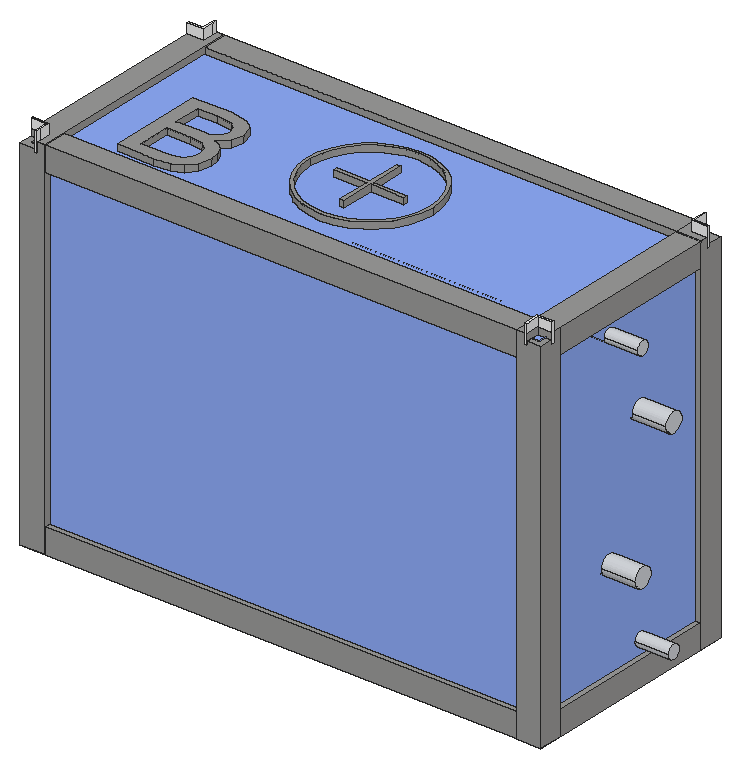
Revit family "6. Водяные нагреватели UTR WWN", category Оборудование, Revit 2016
Family settings
  Тип детали = Нормальный
  Размер круглого соединителя = Использовать диаметр
  На основе рабочей плоскости = Нет
  Всегда вертикально = Да
  При загрузке вырезать с полостями = Нет
  Общий = Нет
  Точка расчета площади = Нет
Parameters (values of type "60-35 WWN/2")
  ширина = 600 mm
  размер В = 735 mm
  значок [instance] = yes
  высота = 350 mm
  Теплопроизводительность, кВт = 43.9 kW
  Синий = Синий
  Заправочный объем, л = 1.70 m³
  Д1 = Д - 20 mm  # 330 mm
  Д = 350 mm
  ножки(да/нет) [instance] = no
  Г = 495 mm
  Б1 = Б - 20 mm  # 550 mm
  А1 = А - 20 mm  # 790 mm
  А = 810 mm
  высота ножек = 50 mm
  Б = 570 mm
  Частотный преобразователь [instance] = no
  Частота вращения n, об/мин = ""
  Тип, марка, обозначение = "UTR 60-35 WWN/2"
  Сила тока J, А = ""
  Регулятор расхода [instance] = no
  Раздел = "ОВ"
  Примечание = ""
  Позиция = ""
  Напряжение U,В = ""
  Наименование и тех.хар-ка = "Секция водяного нагревателя"  # constant formula
  Мощность двигателя N,Вт = ""
  Материал = RAL 0000 Серый металл
  Масса единицы = "31"
  Код, оборудования = ""
  Ключевая пометка = "Вентиляция"
  Задание электрикам [instance] = no
  Задание автоматчикам [instance] = no
  Завод изготовитель = "KORF"  # constant formula
  Единица измерения = "шт."  # constant formula
  h = высота ножек + 10 mm  # 60 mm
Types (16, lengths in mm): name | ширина | размер В | высота | Теплопроизводительность, кВт | Заправочный объем, л | Г | Б1 | А1 | А | Б | Тип, марка, обозначение | Материал | Масса единицы
  50-25 WWN/2 | 500 | 635 | 250 | 26 kW | 1.00 m³ | 395 | 450 | 690 | 710 | 470 | "UTR 50-25 WWN/2" | Сталь серая | "25"
  50-25 WWN/3 | 500 | 635 | 250 | 31.4 kW | 1.40 m³ | 395 | 450 | 690 | 710 | 470 | "UTR 50-25 WWN/3" | Сталь серая | "27"
  50-30 WWN/2 | 500 | 635 | 300 | 30.9 kW | 1.30 m³ | 445 | 500 | 690 | 710 | 520 | "UTR 50-30 WWN/2" | Сталь серая | "26"
  50-30 WWN/3 | 500 | 635 | 300 | 37.3 kW | 1.80 m³ | 445 | 500 | 690 | 710 | 520 | "UTR 50-30 WWN/3" | Сталь серая | "27,5"
  60-30 WWN/2 | 600 | 735 | 300 | 37.4 kW | 1.50 m³ | 445 | 500 | 790 | 810 | 520 | "UTR 60-30 WWN/2" | Сталь серая | "29"
  60-30 WWN/3 | 600 | 735 | 300 | 45.2 kW | 2.00 m³ | 445 | 500 | 790 | 810 | 520 | "UTR 60-30 WWN/3" | Сталь серая | "30"
  60-35 WWN/2 | 600 | 735 | 350 | 43.9 kW | 1.70 m³ | 495 | 550 | 790 | 810 | 570 | "UTR 60-35 WWN/2" | RAL 0000 Серый металл | "31"
  60-35 WWN/3 | 600 | 735 | 350 | 53 kW | 2.30 m³ | 495 | 550 | 790 | 810 | 570 | "UTR 60-35 WWN/3" | Сталь серая | "32,5"
  70-40 WWN/2 | 700 | 835 | 400 | 58.5 kW | 2.20 m³ | 545 | 600 | 890 | 910 | 620 | "UTR 70-40 WWN/2" | Сталь серая | "33,5"
  70-40 WWN/3 | 700 | 835 | 400 | 70.7 kW | 3.00 m³ | 545 | 600 | 890 | 910 | 620 | "UTR 70-40 WWN/3" | Сталь серая | "36,5"
  80-50 WWN/2 | 800 | 935 | 500 | 82.9 kW | 3.20 m³ | 645 | 700 | 990 | 1010 | 720 | "UTR 80-50 WWN/2" | Сталь серая | "39"
  80-50 WWN/3 | 800 | 935 | 500 | 100.1 kW | 4.40 m³ | 645 | 700 | 990 | 1010 | 720 | "UTR 80-50 WWN/3" | Сталь серая | "43"
  90-50 WWN/2 | 900 | 1050 | 500 | 92.6 kW | 3.50 m³ | 645 | 720 | 1105 | 1125 | 740 | "UTR 90-50 WWN/2" | Сталь серая | "43"
  90-50 WWN/3 | 900 | 1050 | 500 | 111.9 kW | 4.80 m³ | 645 | 720 | 1105 | 1125 | 740 | "UTR 90-50 WWN/3" | Сталь серая | "47"
  100-50 WWN/2 | 1000 | 1150 | 500 | 102.4 kW | 3.80 m³ | 665 | 720 | 1205 | 1225 | 740 | "UTR 100-50 WWN/2" | Сталь серая | "45,5"
  100-50 WWN/3 | 1000 | 1150 | 500 | 123.7 kW | 5.30 m³ | 665 | 720 | 1205 | 1225 | 740 | "UTR 100-50 WWN/3" | Сталь серая | "50"
Reference planes
  plane 1 "По центру (Вперед/Назад)": y = 0
  plane 2: z = 0
  plane 3 "По центру (Влево/Вправо)": x = 0
  plane 4: x = -395
  plane 5: x = 395
  plane 6: y = 165
  plane 7: y = -165
  plane 8: z = 610
  plane 9: z = 60
  plane 10: z = 635
  plane 11: z = 272.5
  plane 12: z = 430
  plane 13: z = 240
  plane 14: z = 110
  plane 15: z = 560
  plane 16: y = 30
  plane 17: y = -30
  plane 18: x = 448.5
  plane 19: x = -300
Forms (mm)
  Extrusion 1, solid, material "Синий" <- "Синий", detail levels fine
    sketch origin (0, 0, 50) x (1, 0, 0) y (0, 1, 0)
      loop
        line (-395, 165) -> (-395, -165) -> (395, -165) -> (395, 165) -> (-395, 165)
    from 10 to 560
  Sweep 2, solid, material "RAL 0000 Серый металл" <- "Материал", detail levels fine
    path origin (395, -165, 50) x (-1, 0, 0) y (0, 0, -1)
      loop
        line (0, -560) -> (790, -560) -> (790, -10) -> (0, -10) -> (0, -560)
    profile "Профиль уголок 10х10 : Профиль уголок 10х10" origin (0, -165, 610) x (0, 0, -1) y (0, -1, 0)
      loop
        line (0, -27.5) -> (0, 0) -> (27.5, 0) -> (27.5, 10) -> (-10, 10) -> (-10, -27.5) -> (0, -27.5)
  Sweep 3, solid, material "RAL 0000 Серый металл" <- "Материал", detail levels fine
    path origin (-395, 165, 50) x (1, 0, 0) y (0, 0, -1)
      loop
        line (0, -560) -> (790, -560) -> (790, -10) -> (0, -10) -> (0, -560)
    profile "Профиль уголок 10х10 : Профиль уголок 10х10" origin (0, 165, 610) x (0, 0, -1) y (0, 1, 0)
      loop
        line (0, -27.5) -> (0, 0) -> (27.5, 0) -> (27.5, 10) -> (-10, 10) -> (-10, -27.5) -> (0, -27.5)
  Sweep 4, solid, material "RAL 0000 Серый металл" <- "Материал", detail levels fine
    path origin (395, 165, 50) x (0, -1, 0) y (0, 0, -1)
      loop
        line (0, -560) -> (330, -560) -> (330, -10) -> (0, -10) -> (0, -560)
    profile "Профиль уголок 10х10 : Профиль уголок 10х10" origin (395, 0, 610) x (0, 0, -1) y (1, 0, 0)
      loop
        line (0, -27.5) -> (0, 0) -> (27.5, 0) -> (27.5, 10) -> (-10, 10) -> (-10, -27.5) -> (0, -27.5)
  Sweep 5, solid, material "RAL 0000 Серый металл" <- "Материал", detail levels fine
    path origin (-395, -165, 50) x (0, 1, 0) y (0, 0, -1)
      loop
        line (0, -560) -> (330, -560) -> (330, -10) -> (0, -10) -> (0, -560)
    profile "Профиль уголок 10х10 : Профиль уголок 10х10" origin (-395, 0, 610) x (0, 0, -1) y (-1, 0, 0)
      loop
        line (0, -27.5) -> (0, 0) -> (27.5, 0) -> (27.5, 10) -> (-10, 10) -> (-10, -27.5) -> (0, -27.5)
  Extrusion 6, void
    sketch origin (-395, -324.965, 160) x (0, -1, 0) y (0, 0, -1)
      loop
        line (-477.965, -475) -> (-477.965, -450) -> (-528.913, -450) -> (-528.913, -475) -> (-477.965, -475)
    from -47.452 to 12
  Extrusion 7, void, not visible
    sketch origin (-345, -245, 50) x (0, -1, 0) y (0, 0, -1)
      loop
        line (-477.965, -475) -> (-477.965, -450) -> (-528.913, -450) -> (-528.913, -475) -> (-477.965, -475)
    from -47.452 to 12
  Extrusion 8, void
    sketch origin (395, 324.965, 160) x (0, 1, 0) y (0, 0, -1)
      loop
        line (-171.965, -475) -> (-121.016, -475) -> (-121.016, -450) -> (-171.965, -450) -> (-171.965, -475)
    from -47.452 to 12
  Extrusion 9, void
    sketch origin (-395, -324.965, 160) x (0, -1, 0) y (0, 0, -1)
      loop
        line (-171.965, -475) -> (-121.016, -475) -> (-121.016, -450) -> (-171.965, -450) -> (-171.965, -475)
    from -47.452 to 12
  Extrusion 10, void
    sketch origin (395, 324.965, 160) x (0, 1, 0) y (0, 0, -1)
      loop
        line (-477.965, -475) -> (-477.965, -450) -> (-528.913, -450) -> (-528.913, -475) -> (-477.965, -475)
    from -47.452 to 12
  Extrusion 11, solid, detail levels fine
    sketch origin (0, 0, 0) x (0, 1, 0) y (0, 0, 1)
      loop
        circle (30, 430) r 15
      loop
        circle (-30, 240) r 15
      loop
        circle (30, 110) r 10
      loop
        circle (-30, 560) r 10
    from 0 to 448.5
  Extrusion 12, solid, material "RAL 0000 Серый металл" <- "Материал", visible <- "значок", detail levels fine
    sketch origin (0, 0, 0) x (1, 0, 0) y (0, 1, 0)
      loop
        circle (0, 0) r 98.232
      loop
        circle (0, 0) r 93.61
      loop
        line (-3.188, 55) -> (-3.188, 3.188) -> (-55, 3.188) -> (-55, -2.932) -> (-3.188, -2.932) -> (-3.188, -55) -> (2.932, -55) -> (2.932, -2.932) -> (55, -2.932) -> (55, 3.188) -> (2.932, 3.188) -> (2.932, 55) -> (-3.188, 55)
      loop
        line (-300, 30.372) -> (-300, -117.32) -> (-242.69, -117.32) -> (-219.018, -114.778) -> (-202.954, -107.278) -> (-192.191, -93.144) -> (-187.846, -73.294) -> (-189.437, -60.935) -> (-194.21, -50.325) -> (-201.94, -42.014) -> (-212.401, -36.551) -> (-197.419, -23.48) -> (-192.461, -6.227) -> (-198.357, 12.668) -> (-205.379, 20.515) -> (-214.655, 26.027) -> (-242.257, 30.372) -> (-300, 30.372)
      loop
        line (-278.806, -29.628) -> (-245.092, -29.628) -> (-226.752, -28.041) -> (-214.907, -21.209) -> (-210.923, -9.183) -> (-214.637, 2.86) -> (-225.274, 9.981) -> (-249, 11.91) -> (-278.806, 11.91) -> (-278.806, -29.628)
      loop
        line (-278.806, -98.859) -> (-242.293, -98.859) -> (-228.591, -98.138) -> (-216.999, -94.117) -> (-209.318, -85.914) -> (-206.308, -73.474) -> (-209.841, -59.123) -> (-221.29, -50.56) -> (-242.748, -48.09) -> (-278.806, -48.09) -> (-278.806, -98.859)
    from 610 to 620
Cuts and joins
  Extrusion 6, Extrusion 8, Extrusion 9, Extrusion 10 cuts Extrusion 1
  Extrusion 6, Extrusion 8, Extrusion 9, Extrusion 10 cuts Sweep 3
  Extrusion 6, Extrusion 8, Extrusion 9 cuts Sweep 5
  Extrusion 8, Extrusion 10 cuts Sweep 4
  Extrusion 9, Extrusion 10 cuts Sweep 2
Dimensions and locks
  equal spacing: plane 6, plane 1 "По центру (Вперед/Назад)", plane 7
  "Д1": plane 6 to plane 7
  equal spacing: plane 4, plane 3 "По центру (Влево/Вправо)", plane 5
  "А1": plane 4 to plane 5
  "h": plane 9 to level
  "Б1": plane 8 to plane 9
  locked: plane 10 to plane 8 at 25
  locked: plane 8 to plane 15 at 50
  locked: plane 8 to plane 12 at 180
  locked: plane 14 to plane 9 at 50
  locked: plane 13 to plane 9 at 180
  locked: plane 1 "По центру (Вперед/Назад)" to plane 17 at 30
  locked: plane 16 to plane 1 "По центру (Вперед/Назад)" at 30
  locked: plane 18 to plane 5 at 53.5
  cut or joined group of Sweep 2, Extrusion 9, Extrusion 10 to level = 50 mm
  plane 6 to plane 7 = 330 mm
  locked: plane 19 to plane 3 "По центру (Влево/Вправо)" at 300
  aligned and locked: level to plane 2
  aligned and locked: plane 6 to Extrusion 1
  aligned and locked: plane 5 to Extrusion 1
  aligned and locked: Extrusion 1 to plane 7
  aligned and locked: Extrusion 1 to plane 4
  aligned and locked: plane 8 to Extrusion 1
  aligned and locked: Extrusion 1 to plane 9
  aligned and locked: Sweep 4 sketch curve to Extrusion 1  (x2)
  aligned and locked: Sweep 5 sketch curve to Extrusion 1  (x2)
  aligned and locked: nested 1 to Sweep 5  (x2)
  aligned and locked: nested 2 to Sweep 4
  aligned and locked: Sweep 4 to nested 2
  aligned and locked: nested 4 to Sweep 4  (x2)
  aligned and locked: Sweep 5 to nested 3
  aligned and locked: nested 3 to Sweep 5
  aligned and locked: Extrusion 6 to nested 5  (x2)
  aligned and locked: Extrusion 8 to nested 7
  aligned and locked: nested 7 to Extrusion 8
  aligned and locked: Extrusion 9 to nested 8
  aligned and locked: nested 8 to Extrusion 9
  aligned and locked: Extrusion 10 to nested 9
  aligned and locked: nested 9 to Extrusion 10
  aligned and locked: nested 8 to cut or joined group of Sweep 2, Extrusion 9, Extrusion 10  (x2)
  aligned and locked: nested 5 to cut or joined group of Sweep 3, Extrusion 6, Extrusion 8, Extrusion 9, Extrusion 10
  aligned and locked: nested 5 to cut or joined group of Sweep 5, Extrusion 6, Extrusion 8, Extrusion 9
  aligned and locked: nested 7 to cut or joined group of Sweep 4, Extrusion 8, Extrusion 10
  aligned and locked: nested 7 to cut or joined group of Sweep 3, Extrusion 6, Extrusion 8, Extrusion 9, Extrusion 10
  aligned and locked: nested 9 to cut or joined group of Sweep 2, Extrusion 9, Extrusion 10
  aligned and locked: cut or joined group of Sweep 2, Extrusion 9, Extrusion 10 to nested 9
  aligned and locked: nested 8 to plane 10
  aligned and locked: plane 10 to nested 9
  aligned and locked: plane 10 to nested 5
  aligned and locked: nested 7 to plane 10
  aligned and locked: plane 18 to Extrusion 11
  aligned and locked: cut or joined group of Sweep 3, Extrusion 6, Extrusion 8, Extrusion 9, Extrusion 10 to Extrusion 12
  aligned and locked: Extrusion 12 to plane 8
  aligned and locked: plane 9 to nested 11
  aligned and locked: Extrusion 12 to plane 19
Automatic sketch dimensions
  Extrusion 6 sketch curve to Extrusion 6 sketch curve = 50.949 mm
  Extrusion 6 sketch curve to Extrusion 6 sketch curve = 25 mm
  Extrusion 7 sketch curve to Extrusion 7 sketch curve = 50.949 mm
  Extrusion 7 sketch curve to Extrusion 7 sketch curve = 25 mm
  Extrusion 8 sketch curve to Extrusion 8 sketch curve = 50.949 mm
  Extrusion 8 sketch curve to Extrusion 8 sketch curve = 25 mm
  Extrusion 9 sketch curve to Extrusion 9 sketch curve = 50.949 mm
  Extrusion 9 sketch curve to Extrusion 9 sketch curve = 25 mm
  Extrusion 10 sketch curve to Extrusion 10 sketch curve = 50.949 mm
  Extrusion 10 sketch curve to Extrusion 10 sketch curve = 25 mm
  Extrusion 1 sketch curve to plane 4 = 0 mm
  Extrusion 1 sketch curve to plane 5 = 0 mm
  Extrusion 1 sketch curve to plane 7 = 0 mm
  Extrusion 1 sketch curve to plane 6 = 0 mm
  Sweep 2 sketch curve to Extrusion 1 = 0 mm  (x4)
  Sweep 3 sketch curve to Extrusion 1 = 0 mm  (x3)
  Extrusion 1 to Sweep 3 sketch curve = 0 mm
  Sweep 4 sketch curve to Extrusion 1 = 0 mm  (x2)
  Sweep 5 sketch curve to Extrusion 1 = 0 mm  (x2)
  Extrusion 11 sketch curve to plane 13 = 0 mm
  Extrusion 11 sketch curve to plane 17 = 0 mm  (x2)
  Extrusion 11 sketch curve to plane 15 = 0 mm
  Extrusion 11 sketch curve to plane 14 = 0 mm
  Extrusion 11 sketch curve to plane 16 = 0 mm  (x2)
  Extrusion 11 sketch curve to plane 12 = 0 mm
  Extrusion 12 sketch curve to Extrusion 12 sketch curve = 0 mm  (x3)
  Extrusion 12 sketch curve to plane 1 "По центру (Вперед/Назад)" = 3.188 mm  (x2)
  plane 1 "По центру (Вперед/Назад)" to Extrusion 12 sketch curve = 0 mm
  Extrusion 12 sketch curve to plane 3 "По центру (Влево/Вправо)" = 0 mm
  Extrusion 12 sketch curve to plane 3 "По центру (Влево/Вправо)" = 3.188 mm  (x2)
  Extrusion 12 sketch curve to Extrusion 12 sketch curve = 51.812 mm
  plane 3 "По центру (Влево/Вправо)" to Extrusion 12 sketch curve = 2.932 mm  (x2)
  Extrusion 12 sketch curve to Extrusion 12 sketch curve = 52.068 mm
  plane 17 to Extrusion 12 sketch curve = 25 mm
  Extrusion 12 sketch curve to plane 16 = 25 mm
  plane 1 "По центру (Вперед/Назад)" to Extrusion 12 sketch curve = 2.932 mm  (x2)
  plane 17 to Extrusion 12 sketch curve = 43.294 mm
  Extrusion 12 sketch curve to Extrusion 12 sketch curve = 132.846 mm
  plane 17 to Extrusion 12 sketch curve = 30.935 mm
  Extrusion 12 sketch curve to Extrusion 12 sketch curve = 1.591 mm
  plane 17 to Extrusion 12 sketch curve = 63.144 mm
  Extrusion 12 sketch curve to Extrusion 12 sketch curve = 4.345 mm
  plane 1 "По центру (Вперед/Назад)" to Extrusion 12 sketch curve = 6.227 mm
  Extrusion 12 sketch curve to Extrusion 12 sketch curve = 3.024 mm
  plane 17 to Extrusion 12 sketch curve = 20.325 mm
  Extrusion 12 sketch curve to Extrusion 12 sketch curve = 4.773 mm
  Extrusion 12 sketch curve to plane 17 = 6.52 mm
  Extrusion 12 sketch curve to Extrusion 12 sketch curve = 4.958 mm
  Extrusion 12 sketch curve to plane 1 "По центру (Вперед/Назад)" = 12.668 mm
  Extrusion 12 sketch curve to Extrusion 12 sketch curve = 5.895 mm
  plane 17 to Extrusion 12 sketch curve = 12.014 mm
  Extrusion 12 sketch curve to Extrusion 12 sketch curve = 7.73 mm
  plane 7 to Extrusion 12 sketch curve = 57.722 mm
  Extrusion 12 sketch curve to Extrusion 12 sketch curve = 10.763 mm
  plane 16 to Extrusion 12 sketch curve = 9.485 mm
  Extrusion 12 sketch curve to Extrusion 12 sketch curve = 7.022 mm
  plane 17 to Extrusion 12 sketch curve = 6.551 mm
  Extrusion 12 sketch curve to Extrusion 12 sketch curve = 10.461 mm
  plane 16 to Extrusion 12 sketch curve = 3.973 mm
  Extrusion 12 sketch curve to Extrusion 12 sketch curve = 9.276 mm
  plane 7 to Extrusion 12 sketch curve = 50.222 mm
  Extrusion 12 sketch curve to Extrusion 12 sketch curve = 16.064 mm
  Extrusion 12 sketch curve to plane 16 = 0.372 mm
  Extrusion 12 sketch curve to Extrusion 12 sketch curve = 27.602 mm
  plane 7 to Extrusion 12 sketch curve = 47.68 mm
  Extrusion 12 sketch curve to Extrusion 12 sketch curve = 23.672 mm
  plane 4 to Extrusion 12 sketch curve = 95 mm
  Extrusion 12 sketch curve to plane 1 "По центру (Вперед/Назад)" = 11.91 mm
  Extrusion 12 sketch curve to Extrusion 12 sketch curve = 21.194 mm
  Extrusion 12 sketch curve to Extrusion 12 sketch curve = 6.743 mm
  Extrusion 12 sketch curve to plane 17 = 0.372 mm
  Extrusion 12 sketch curve to Extrusion 12 sketch curve = 33.714 mm
  Extrusion 12 sketch curve to plane 17 = 1.959 mm
  Extrusion 12 sketch curve to Extrusion 12 sketch curve = 14.351 mm
  Extrusion 12 sketch curve to plane 1 "По центру (Вперед/Назад)" = 9.981 mm
  Extrusion 12 sketch curve to Extrusion 12 sketch curve = 10.619 mm
  Extrusion 12 sketch curve to plane 17 = 8.791 mm
  Extrusion 12 sketch curve to Extrusion 12 sketch curve = 11.845 mm
  Extrusion 12 sketch curve to plane 1 "По центру (Вперед/Назад)" = 2.86 mm
  Extrusion 12 sketch curve to Extrusion 12 sketch curve = 10.637 mm
  plane 1 "По центру (Вперед/Назад)" to Extrusion 12 sketch curve = 9.183 mm
  Extrusion 12 sketch curve to Extrusion 12 sketch curve = 3.714 mm
  Extrusion 12 sketch curve to Extrusion 12 sketch curve = 2.344 mm
  Extrusion 12 sketch curve to Extrusion 12 sketch curve = 0.397 mm
  Extrusion 12 sketch curve to Extrusion 12 sketch curve = 13.702 mm
  plane 17 to Extrusion 12 sketch curve = 20.56 mm
  Extrusion 12 sketch curve to Extrusion 12 sketch curve = 8.888 mm
  Extrusion 12 sketch curve to Extrusion 12 sketch curve = 11.593 mm
  plane 17 to Extrusion 12 sketch curve = 29.123 mm
  Extrusion 12 sketch curve to Extrusion 12 sketch curve = 11.448 mm
  plane 17 to Extrusion 12 sketch curve = 55.914 mm
  Extrusion 12 sketch curve to Extrusion 12 sketch curve = 7.68 mm
  plane 17 to Extrusion 12 sketch curve = 43.474 mm
  Extrusion 12 sketch curve to Extrusion 12 sketch curve = 3.011 mm
  Extrusion 12 sketch curve to Extrusion 12 sketch curve = 18.462 mm
  Extrusion 12 sketch curve to Extrusion 12 sketch curve = 0.721 mm
  Extrusion 12 sketch curve to Extrusion 12 sketch curve = 8.203 mm
  plane 17 to Extrusion 12 sketch curve = 18.09 mm
  radius of Extrusion 11 sketch curve = 15 mm  (x2)
  radius of Extrusion 11 sketch curve = 10 mm  (x2)
  radius of Extrusion 12 sketch curve = 98.232 mm
  radius of Extrusion 12 sketch curve = 93.61 mm
Nested families
  nested 1: "Ножка 50мм" at (-408, 178, 0), visible <- "ножки(да/нет)", type "Ножка 50мм", detail levels fine
  nested 2: "Ножка 50мм" at (408, 178, 0) x (-1, 0, 0) z (0, 0, 1), visible <- "ножки(да/нет)", type "Ножка 50мм", detail levels fine
  nested 3: "Ножка 50мм" at (-408, -178, 0), visible <- "ножки(да/нет)", type "Ножка 50мм", detail levels fine
  nested 4: "Ножка 50мм" at (408, -178, 0) x (-1, 0, 0) z (0, 0, 1), visible <- "ножки(да/нет)", type "Ножка 50мм", detail levels fine
  nested 5: "крепление 15мм" at (-380, 150, 605), type "крепление 15мм", detail levels fine
  nested 6: "крепление 15мм" at (-330, 229.965, 495), type "крепление 15мм", not visible, detail levels fine
  nested 7: "крепление 15мм" at (380, 150, 605) x (-1, 0, 0) z (0, 0, 1), type "крепление 15мм", detail levels fine
  nested 8: "крепление 15мм" at (-380, -150, 605), type "крепление 15мм", detail levels fine
  nested 9: "крепление 15мм" at (380, -150, 605) x (-1, 0, 0) z (0, 0, 1), type "крепление 15мм", detail levels fine
  nested 10: "УГО вод.нагреватель(план)" at (0, 0, 610), Ширина <- "А1", длина <- "Д1", type "УГО вентилятор", detail levels coarse
    with длина 330 mm, Ширина 790 mm
  nested 11: "УГО водонагреватель (разрез)" at (0, 0, 60) x (0, 1, 0) z (0, 0, 1), длина <- "Д1", высота <- "Б1", type "УГО водонагреватель (разрез)", detail levels medium
    with длина 330 mm, высота 550 mm, Ширина 0 mm
Connectors
  hvac at (0, -175, 335), driven by "высота", driven by "ширина"
    settings: on cut or joined group of Sweep 2, Extrusion 9, Extrusion 10, index 1, duct flow 0.0 L/s, flow factor 0, pres drop 0.0 Pa, loss coef 0, conn angle 0.00°, conn width 600 mm, conn height 350 mm, conn diameter 609.6 mm, duct sys type 28, conn prof type 1, flow config 0, flow direction 0, loss method 0, conn ref index 2, conn util no, is conn primary yes, conn desc ""
  hvac at (0, 175, 335), driven by "высота", driven by "ширина"
    settings: on cut or joined group of Sweep 3, Extrusion 6, Extrusion 8, Extrusion 9, Extrusion 10, index 2, duct flow 0.0 L/s, flow factor 0, pres drop 0.0 Pa, loss coef 0, conn angle 0.00°, conn width 600 mm, conn height 350 mm, conn diameter 609.6 mm, duct sys type 28, conn prof type 1, flow config 0, flow direction 0, loss method 0, conn ref index 1, conn util no, is conn primary no, conn desc ""
  piping at (448.5, -30, 560), diameter 20
    settings: on Extrusion 11, index 3, connector inside diameter 609.6 mm, connector length 0 mm, flow factor 0, pipe flow 0.0 L/s, pressure drop 0.0 Pa, fitting loss kfactor 0, connector angle 0.00°, fixture units 0, engagement length 0 mm, angle of deflection 0.00°, flow configuration 0, flow direction 0, fitting loss method 0, system type 28, joint type 0, gender type 0, connector reference index -1, connector utility 0, adjustable connector no, is connector primary yes, connector description ""
  piping at (448.5, 30, 430), diameter 30
    settings: on Extrusion 11, index 4, connector inside diameter 609.6 mm, connector length 0 mm, flow factor 0, pipe flow 0.0 L/s, pressure drop 0.0 Pa, fitting loss kfactor 0, connector angle 0.00°, fixture units 0, engagement length 0 mm, angle of deflection 0.00°, flow configuration 0, flow direction 0, fitting loss method 0, system type 28, joint type 0, gender type 0, connector reference index -1, connector utility 0, adjustable connector no, is connector primary no, connector description ""
  piping at (448.5, -30, 240), diameter 30
    settings: on Extrusion 11, index 5, connector inside diameter 609.6 mm, connector length 0 mm, flow factor 0, pipe flow 0.0 L/s, pressure drop 0.0 Pa, fitting loss kfactor 0, connector angle 0.00°, fixture units 0, engagement length 0 mm, angle of deflection 0.00°, flow configuration 0, flow direction 0, fitting loss method 0, system type 28, joint type 0, gender type 0, connector reference index -1, connector utility 0, adjustable connector no, is connector primary no, connector description ""
  piping at (448.5, 30, 110), diameter 20
    settings: on Extrusion 11, index 6, connector inside diameter 609.6 mm, connector length 0 mm, flow factor 0, pipe flow 0.0 L/s, pressure drop 0.0 Pa, fitting loss kfactor 0, connector angle 0.00°, fixture units 0, engagement length 0 mm, angle of deflection 0.00°, flow configuration 0, flow direction 0, fitting loss method 0, system type 28, joint type 0, gender type 0, connector reference index -1, connector utility 0, adjustable connector no, is connector primary no, connector description ""
Definition of nested family "Ножка 50мм"
  Parameters (values of type "Ножка 50мм")
    Материал ножек = none
  Reference planes
    plane 1 "По центру (Вперед/Назад)": y = 0
    plane 2: z = 0
    plane 3 "По центру (Влево/Вправо)": x = 0
  Forms (mm)
    Extrusion 1, solid, material <- "Материал ножек"
      sketch origin (0, 0, 0) x (1, 0, 0) y (0, 1, 0)
        loop
          line (0, 0) -> (0, -28) -> (3, -28) -> (3, -3) -> (28, -3) -> (28, 0) -> (0, 0)
      from 0 to 70
    Extrusion 2, solid, material <- "Материал ножек"
      sketch origin (0, 0, 0) x (1, 0, 0) y (0, 1, 0)
        loop
          line (0, 0) -> (0, -28.035) -> (28.021, -28.035) -> (28.021, 0) -> (0, 0)
      from 0 to 3
  Cuts and joins
    joined: Extrusion 1, Extrusion 2
  Dimensions and locks
    Extrusion 1 sketch curve to Extrusion 1 sketch curve = 3 mm  (x2)
    Extrusion 1 sketch curve to Extrusion 1 sketch curve = 28 mm  (x2)
    aligned and locked: level to plane 2
Definition of nested family "крепление 15мм"
  Parameters (values of type "крепление 15мм")
    Материал крепления = none
  Reference planes
    plane 1 "По центру (Вперед/Назад)": y = 0
    plane 2: z = 0
    plane 3 "По центру (Влево/Вправо)": x = 0
  Forms (mm)
    Extrusion 1, solid, material <- "Материал крепления"
      sketch origin (0, 0, 0) x (1, 0, 0) y (0, 1, 0)
        loop
          line (-25, 0) -> (0, 0) -> (0, 18.31) -> (0, 25) -> (-3, 25) -> (-3, 3) -> (-25, 3) -> (-25, 0)
      from 0 to 30
    Extrusion 2, void
      sketch origin (0, 0, 0) x (1, 0, 0) y (0, 1, 0)
        loop
          line (-3, 3) -> (-3, 54.96) -> (-58, 54.96) -> (-58, 3) -> (-3, 3)
      from 0 to 15
  Cuts and joins
    Extrusion 2 cuts Extrusion 1
  Dimensions and locks
    Extrusion 1 sketch curve to Extrusion 1 sketch curve = 3 mm  (x2)
    Extrusion 1 sketch curve to Extrusion 1 sketch curve to plane 3 "По центру (Влево/Вправо)" = 25 mm, 0 mm
    Extrusion 1 sketch curve to Extrusion 1 sketch curve = 25 mm
    aligned and locked: level to plane 2
Definition of nested family "УГО вод.нагреватель(план)"
  Parameters (values of type "УГО вентилятор")
    длина [instance] = 300 mm
    Ширина [instance] = 800 mm
    Частота вращения n, об/мин = ""
    Тип, марка, обозначение = ""
    Сила тока J, А = ""
    Раздел = "ВПИСАТЬ РАЗДЕЛ"
    Примечание = ""
    Позиция = ""
    Default Elevation = 1219.2 mm
    Напряжение U,В = ""
    Наименование и тех.хар-ка = ""
    Мощность двигателя N,Вт = ""
    Материал = none
    Масса единицы = ""
    Код, оборудования = ""
    Keynote = "ВПИСАТЬ СПЕЦИАЛЬНОСТЬ"
    Завод изготовитель = ""
    Единица измерения = ""
    Диаметр = 110 mm
  Reference planes
    plane 1 "По центру (Вперед/Назад)": y = 0
    plane 2: z = 0
    plane 3 "По центру (Влево/Вправо)": x = 0
    plane 4: y = 150
    plane 5: y = -150
    plane 6: x = -400
    plane 7: x = 400
  Lines and regions (mm)
    model lines
      curve 1: line (0, 80, 0) -> (0, -80, 0)
      curve 2: line (-80, 0, 0) -> (80, 0, 0)
      curve 3: line (-400, 150, 0) -> (400, 150, 0)
      curve 4: line (-400, -150, 0) -> (-400, 150, 0)
      curve 5: line (400, -150, 0) -> (-400, -150, 0)
      curve 6: line (400, 150, 0) -> (400, -150, 0)
      curve 7: circle (0, 0, 0) r 80 normal (0, 0, 1)
  Dimensions and locks
    "Ширина": plane 6 to plane 7
    "длина": plane 4 to plane 5
    equal spacing: plane 5, plane 1 "По центру (Вперед/Назад)", plane 4
    equal spacing: plane 6, plane 3 "По центру (Влево/Вправо)", plane 7
    aligned and locked: level to plane 2
  Automatic sketch dimensions
    plane 5 to curve 5 = 0 mm
    curve 5 to plane 6 = 0 mm
    plane 1 "По центру (Вперед/Назад)" to curve 2 = 0 mm
    curve 1 to plane 3 "По центру (Влево/Вправо)" = 0 mm
    plane 1 "По центру (Вперед/Назад)" to curve 7 = 0 mm
    curve 7 to plane 3 "По центру (Влево/Вправо)" = 0 mm
    curve 6 to plane 4 = 0 mm
    curve 6 to plane 7 = 0 mm
    curve 1 to plane 5 = 70 mm
Definition of nested family "УГО водонагреватель (разрез)"
  Parameters (values of type "УГО водонагреватель (разрез)")
    длина [instance] = 200 mm
    высота [instance] = 410 mm
    Ширина [instance] = 410 mm
    Частота вращения n, об/мин = ""
    Тип, марка, обозначение = ""
    Сила тока J, А = ""
    Раздел = ""
    Примечание = ""
    Позиция = ""
    Default Elevation = 1219.2 mm
    Напряжение U,В = ""
    Наименование и тех.хар-ка = ""
    Мощность двигателя N,Вт = ""
    Материал = none
    Масса единицы = ""
    Код, оборудования = ""
    Keynote = ""
    Завод изготовитель = ""
    Единица измерения = ""
    Диаметр = 110 mm
  Reference planes
    plane 1 "По центру (Вперед/Назад)": y = 0
    plane 2: z = 0
    plane 3 "По центру (Влево/Вправо)": x = 0
    plane 4: z = 410
    plane 5: x = 100
    plane 6: x = -100
    plane 7: z = 205
  Lines and regions (mm)
    model lines
      curve 1: line (0, 0, 255) -> (0, 0, 155)
      curve 2: line (-50, 0, 205) -> (50, 0, 205)
      curve 3: circle (0, 0, 205) r 50 normal (0, -1, 0)
      curve 4: line (-100, 0, 0) -> (100, 0, 0)
      curve 5: line (-100, 0, 410) -> (-100, 0, 0)
      curve 6: line (100, 0, 410) -> (-100, 0, 410)
      curve 7: line (100, 0, 0) -> (100, 0, 410)
  Dimensions and locks
    equal spacing: plane 5, plane 3 "По центру (Влево/Вправо)", plane 6
    "длина": plane 5 to plane 6
    "высота": plane 4 to level
    equal spacing: plane 4, plane 7, plane 2
    aligned and locked: level to plane 2
  Automatic sketch dimensions
    curve 2 to plane 7 = 0 mm
    curve 1 to plane 3 "По центру (Влево/Вправо)" = 0 mm
    curve 3 to plane 3 "По центру (Влево/Вправо)" = 0 mm
    curve 3 to plane 7 = 0 mm
    plane 3 "По центру (Влево/Вправо)" to curve 2 = 50 mm
    curve 4 to level = 0 mm
    curve 5 to plane 4 = 0 mm
    curve 5 to plane 6 = 0 mm
    curve 6 to plane 5 = 0 mm
